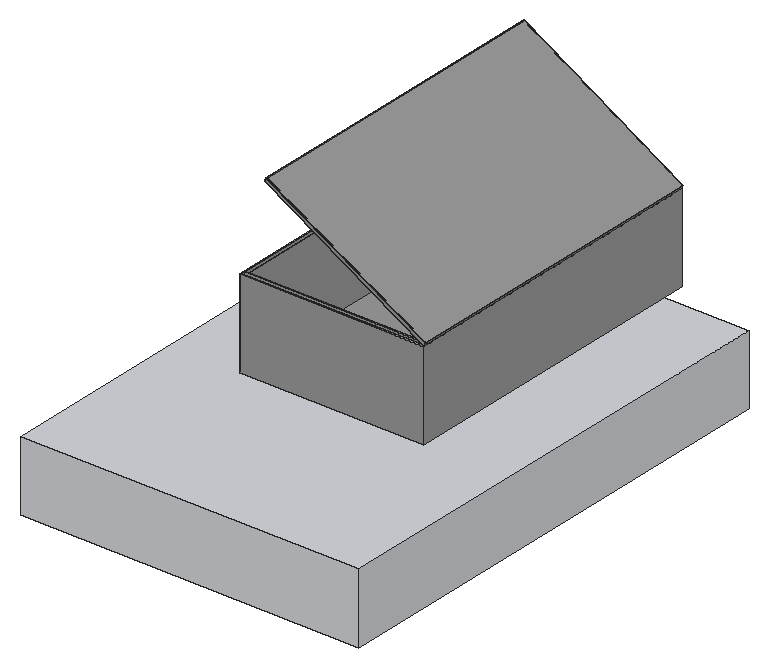
Revit family "Hager-Univers-IP55-D400-H1400-Cl.II-Steel_encl-NL-en", category Equipement électrique, Revit 2020
Family settings
  Hôte = Face
  Configuration du panneau = Deux colonnes, circuits au sein
  Cote de connecteur circulaire = Utiliser le diamètre
  Type d'élément = Tableau de raccordement
  Couper avec des vides une fois chargée = Non
  Partagée = Non
  Point de calcul de pièce = Non
Parameters (values of type "Surface mounted (plaster) IP55 W800 H1400 D400  - FR93H")
  Width Control [instance] = if([EF000008 - Width] > Min Width, [EF000008 - Width], Min Width)  # 800 mm
  Commentaires du type = [HG000003 - Range]  # "Univers"
  Thickness Door [instance] = if([EF009171 - Material plate thickness door/cover] > 3 mm, 3 mm, [EF009171 - Material plate thickness door/cover])  # 1.5 mm
  Seal Frame Offset [instance] = 17 mm  # constant formula
  Plinth Visibility [instance] = [HG000027 - Plinth height] > 0 mm  # no
  Model = ""
  Min Width [instance] = 100 mm  # constant formula
  Min Height [instance] = 100 mm  # constant formula
  Min Depth [instance] = (2 * [EF009170 - Material plate thickness cabinet]) + 1 mm  # 4 mm
  Internal Frame Depth [instance] = (Door System Depth * 0.5)  # 9 mm
  Height Control [instance] = if([EF000040 - Height] > Min Height, [EF000040 - Height], Min Height)  # 1400 mm
  HG000027 - Plinth height = 0 mm
  HG000026 - Floor standing = no
  HG000024 - Bottom section height = 800 mm
  HG000023 - Double section enclosure = no
  HG000016 - Door 3d visibility [instance] = yes
  HG000015 - Clearance visibility [instance] = no
  HG000014 - Door on the right [instance] = yes
  HG000013 - Door on the left [instance] = not([HG000014 - Door on the right])  # no
  HG000012 - Door swing angle [instance] = 30.00°
  HG000010 - Asymmetric doors = no
  HG000009 - Double swing door = no
  HG000006 - Flush mounted = no
  HG000004 - Manufacturer reference = "FR93H"
  HG000003 - Range = "Univers"
  HG000002 - With door or cover = yes
  Frame Offset Bottom [instance] = 10 mm  # constant formula
  Frame Offset [instance] = 15 mm  # constant formula
  EF015940 - Cover with overpressure release = no
  EF011959 - Degree of protection (NEMA) = ""
  EF009554 - Number of openings for flange plates = 6
  EF009212 - Cover model = "EV000116 - Closed"
  EF009171 - Material plate thickness door/cover = 1.5 mm
  EF009170 - Material plate thickness cabinet = 1.5 mm
  Fabricant = "Hager"  # constant formula
  EF008873 - Nominal current (In) = 800 A
  EF007800 - Suitable for lightning protection = no
  EF006306 - With lock = no
  EF006244 - Transparent cover/door = no
  EF005474 - Degree of protection (IP) = "EV006420 - IP55"
  EF004464 - Type of door = "EV002646 - Single"
  EF004427 - Number of modules = 324
  EF004293 - Impact strength = "EV008784 - IK10"
  EF003532 - Suitable for outdoor use = no
  EF002950 - Width in number of modular spacings = 24
  EF001613 - Circuit integrity = "EV000494 - None"
  EF001596 - Material housing = "EV000179 - Steel"
  EF001131 - Internal depth = 400 mm
  EF001088 - Extension possible = yes
  EF000437 - Number of conduit inlets = 6
  EF000339 - Type of cover = "EV004216 - Door"
  EF000266 - Number of rows = 9
  EF000218 - Built-in depth = 0 mm
  EF000118 - With mounting plate = no
  EF000116 - RAL-number = "7035"
  EF000049 - Depth = 400 mm
  EF000040 - Height = 1400 mm
  EF000008 - Width = 800 mm
  EF000007 - Colour = "EV000270 - Grey"
  EF000003 - Mounting method = "EV000384 - Surface mounted (plaster)"
  Door System Leaf Tolerance [instance] = 1.5 mm  # constant formula
  Door System Depth [instance] = 18 mm  # constant formula
  Door Height [instance] = Height Control - [HG000027 - Plinth height]  # 1400 mm
  Depth Control [instance] = if([EF000049 - Depth] > Min Depth, [EF000049 - Depth], Min Depth)  # 400 mm
  Default Elevation = 0 mm
  Connector Offset [instance] = Height Control / 2  # 700 mm
  Bottom Top Plate Trim [instance] = 1.5 mm  # constant formula
  Plinth height Ctrl [instance] = if([HG000027 - Plinth height] > 0 mm, [HG000027 - Plinth height], 12 mm)  # 12 mm
Types (3, lengths in mm): name | Width Control | HG000009 - Double swing door | HG000004 - Manufacturer reference | EF009554 - Number of openings for flange plates | EF004464 - Type of door | EF004427 - Number of modules | EF000437 - Number of conduit inlets | EF000008 - Width
  Surface mounted (plaster) IP55 W1050 H1400 D400  - FR94H | 1050 | yes | "FR94H" | 8 | "EV003602 - Double" | 432 | 8 | 1050
  Surface mounted (plaster) IP55 W550 H1400 D400  - FR92H | 550 | no | "FR92H" | 4 | "EV002646 - Single" | 216 | 4 | 550
  Surface mounted (plaster) IP55 W800 H1400 D400  - FR93H | 800 | no | "FR93H" | 6 | "EV002646 - Single" | 324 | 6 | 800
Reference planes
  plane 1 "Center (Front/Back)": y = 0
  plane 2: z = 0
  plane 3 "Center (Left/Right)": x = 0
  plane 4: z = 400
  plane 5: y = 1.5
  plane 6: y = 700
  plane 7: y = 0
  plane 8: y = 1400
  plane 9: z = 0
  plane 10: x = -385
  plane 11: x = 385
  plane 12: x = 383.5
  plane 13: x = -383.5
  plane 14: y = 1398.5
  plane 15: x = -383
  plane 16: x = -400
  plane 17: x = 383
  plane 18: x = 400
  plane 19: x = 398.5
  plane 20: x = -398.5
  plane 21: y = 11.5
  plane 22: y = 1400
  plane 23: y = 1383.5
  plane 24: z = 382
  plane 25: z = 1.5
  plane 26: z = 380.5
  plane 27: z = 398.5
Forms (mm)
  Extrusion 1, solid
    sketch origin (0, 0, 0) x (1, 0, 0) y (0, 1, 0)
      loop
        line (-702.964, 1305) -> (-702.964, -811.445) -> (766.763, -811.445) -> (766.763, 1305) -> (-702.964, 1305)
    from 0 to -304.8
  Extrusion 2, solid, material "Hager_Steel_RAL7035_Light_Grey", visible <- "Plinth Visibility", detail levels medium+fine
    sketch origin (0, 0, 0) x (1, 0, 0) y (0, 1, 0)
      loop
        line (-400, 0) -> (400, 0) -> (400, 12) -> (-400, 12) -> (-400, 0)
    from 0 to 382
  Extrusion 3, solid, material "Hager_Steel_RAL7035_Light_Grey", detail levels medium+fine
    sketch origin (0, 0, 0) x (1, 0, 0) y (0, 1, 0)
      loop
        line (-400, 0) -> (400, 0) -> (400, 1400) -> (-400, 1400) -> (-400, 0)
    from 0 to 382
  Extrusion 4, void
    sketch origin (0, 0, 0) x (1, 0, 0) y (0, 1, 0)
      loop
        line (-398.5, 1.5) -> (398.5, 1.5) -> (398.5, 1398.5) -> (-398.5, 1398.5) -> (-398.5, 1.5)
    from 1.5 to 380.5
  Extrusion 5, void
    sketch origin (-381.607, -4572, 382) x (0, -1, 0) y (-1, 0, 0)
      loop
        line (-4583.5, 1.893) -> (-5955.5, 1.893) -> (-5955.5, -765.107) -> (-4583.5, -765.107) -> (-4583.5, 1.893)
    from 0 to 1.5 <- "EF009170 - Material plate thickness cabinet"
  Extrusion 6, solid, material "Hager_Steel_RAL7035_Light_Grey", detail levels fine
    sketch origin (0, 0, 382) x (1, 0, 0) y (0, 1, 0)
      loop
        line (-383.5, 1383.5) -> (-383.5, 11.5) -> (383.5, 11.5) -> (383.5, 1383.5) -> (-383.5, 1383.5)
      loop
        line (-385, 10) -> (385, 10) -> (385, 1385) -> (-385, 1385) -> (-385, 10)
    from 0 to 9 <- "Internal Frame Depth"
  Extrusion 7, solid, material "Hager_Steel_RAL7035_Light_Grey", detail levels coarse
    sketch origin (0, 0, 0) x (1, 0, 0) y (0, 1, 0)
      loop
        line (-400, 0) -> (400, 0) -> (400, 1400) -> (-400, 1400) -> (-400, 0)
    from 0 to 400
  Sweep 8, void
    path in 3D
      loop
        line (-400, 12, 0) -> (400, 12, 0) -> (400, 12, 382) -> (-400, 12, 382) -> (-400, 12, 0)
    profile origin (-400, 12, 191) x (-1, 0, 0) y (0, -1, 0)
      loop
        line (0, 0) -> (0, 1.5) -> (-1.5, 1.5)
        arc (-1.5, 1.5) -> (-1.061, 0.439) -> (0, 0) r 1.5
Cuts and joins
  Extrusion 4, Extrusion 5 cuts Extrusion 3
  Sweep 8 cuts Extrusion 2
Lines and regions (mm)
  Masking region 1
    outline origin (0, 0, 0) x (1, 0, 0) y (0, 0, 1)
      loop
        line (-400, 400) -> (-400, 0) -> (400, 0) -> (400, 400) -> (-400, 400)
  Masking region 2, detail levels medium+fine
    outline origin (0, 140, 0) x (0, 1, 0) y (0, 0, 1)
      loop
        line (-140, 0) -> (1260, 0) -> (1260, 382) -> (-140, 382) -> (-140, 0)
  Masking region 3, not visible, detail levels medium+fine
    outline origin (0, 297.922, 0) x (0, 1, 0) y (0, 0, 1)
      loop
        line (413.578, 0) -> (453.578, 0) -> (453.578, 388.5)
        arc (453.578, 388.5) -> (450.649, 395.571) -> (443.578, 398.5) r 10
        line (443.578, 398.5) -> (413.578, 398.5) -> (413.578, 0)
  Masking region 4, detail levels coarse
    outline origin (0, 0, 180) x (0, 1, 0) y (0, 0, 1)
      loop
        line (0, -180) -> (1400, -180) -> (1400, 220) -> (0, 220) -> (0, -180)
  Masking region 5, visible <- "Plinth Visibility", detail levels medium+fine
    outline origin (0, 52.24, 12.345) x (0, 0, -1) y (0, 1, 0)
      loop
        line (10.845, -40.24) -> (-368.155, -40.24)
        arc (-368.155, -40.24) -> (-368.594, -41.301) -> (-369.655, -41.74) r 1.5
        line (-369.655, -41.74) -> (-369.655, -52.24) -> (12.345, -52.24) -> (12.345, -41.74)
        arc (12.345, -41.74) -> (11.285, -41.301) -> (10.845, -40.24) r 1.5
  Masking region 6, detail levels medium+fine
    outline origin (-381.607, -4572, 382) x (-1, 0, 0) y (0, -1, 0)
      loop
        line (18.393, -5972) -> (18.393, -4572) -> (-781.607, -4572) -> (-781.607, -5972) -> (18.393, -5972)
  Masking region 7, visible <- "Plinth Visibility", detail levels medium+fine
    outline origin (-381.607, -4727, 382) x (-1, 0, 0) y (0, -1, 0)
      loop
        arc (16.893, -4739) -> (17.332, -4737.939) -> (18.393, -4737.5) r 1.5
        line (18.393, -4737.5) -> (18.393, -4727) -> (-781.607, -4727) -> (-781.607, -4737.5)
        arc (-781.607, -4737.5) -> (-780.546, -4737.939) -> (-780.107, -4739) r 1.5
        line (-780.107, -4739) -> (16.893, -4739)
  Masking region 8, detail levels coarse
    outline origin (-442.548, -4669.526, 382) x (-1, 0, 0) y (0, -1, 0)
      loop
        line (-42.548, -6069.526) -> (-42.548, -4669.526) -> (-842.548, -4669.526) -> (-842.548, -6069.526) -> (-42.548, -6069.526)
  sketch lines
    curve 1: line (-400, 12, 382) -> (-400, 12, 0)
    curve 2: line (400, 12, 382) -> (-400, 12, 382)
    curve 3: line (400, 12, 382) -> (400, 12, 0)
    curve 4: line (-400, 12, 0) -> (400, 12, 0)
Dimensions and locks
  "Depth Control": plane 4 to Extrusion 1
  "HG000027 - Plinth height": plane 1 "Center (Front/Back)" to plane 7
  "EF009170 - Material plate thickness cabinet": plane 5 to plane 7
  locked: connector elem to plane 3 "Center (Left/Right)"
  equal spacing: plane 8, plane 6, plane 7
  locked: connector elem to plane 6
  "EF009170 - Material plate thickness cabinet": plane 8 to plane 14
  "EF009170 - Material plate thickness cabinet": plane 10 to plane 13
  "EF009170 - Material plate thickness cabinet": plane 12 to plane 11
  "Frame Offset": plane 20 to plane 13
  "Frame Offset": plane 12 to plane 19
  "EF009170 - Material plate thickness cabinet": plane 16 to plane 20
  "EF009170 - Material plate thickness cabinet": plane 19 to plane 18
  "Seal Frame Offset": plane 16 to plane 15
  "Seal Frame Offset": plane 17 to plane 18
  "Frame Offset Bottom": plane 21 to plane 5
  "Frame Offset": plane 14 to plane 23
  equal spacing: plane 16, plane 3 "Center (Left/Right)", plane 18
  "Width Control": plane 16 to plane 18
  "EF009170 - Material plate thickness cabinet": plane 4 to plane 27
  "EF009170 - Material plate thickness cabinet": plane 24 to plane 26
  "EF009170 - Material plate thickness cabinet": plane 25 to level
  "Door System Depth": plane 4 to plane 24
  "Height Control": plane 1 "Center (Front/Back)" to Extrusion 7 sketch curve
  "Height Control": Masking region 4 sketch curve to plane 1 "Center (Front/Back)"
  "Height Control": plane 1 "Center (Front/Back)" to plane 22
  "Bottom Top Plate Trim": profile plane to Sweep 8 sketch curve
  "Bottom Top Plate Trim": Sweep 8 sketch curve to profile plane
  "Plinth height Ctrl": plane 1 "Center (Front/Back)" to Extrusion 2 sketch curve
  "Plinth height Ctrl": Masking region 5 sketch curve to plane 1 "Center (Front/Back)"
  "Plinth height Ctrl": plane 1 "Center (Front/Back)" to Masking region 7 sketch curve
  "Thickness Door": Extrusion 6 sketch curve to Extrusion 6 sketch curve  (x3)
  "Thickness Door": cut or joined group of Extrusion 3, Extrusion 4, Extrusion 5 to Extrusion 6 sketch curve
  radius of Masking region 3 sketch curve = 10 mm
  "Bottom Top Plate Trim": radius of Masking region 5 sketch curve  (x2)
  "Bottom Top Plate Trim": radius of Sweep 8 sketch curve
  "Bottom Top Plate Trim": radius of Masking region 7 sketch curve  (x2)
  aligned and locked: plane 2 to Extrusion 1
  aligned and locked: level to Extrusion 1
  aligned and locked: level to Masking region 1 sketch curve
  aligned and locked: Masking region 1 sketch curve to plane 18
  aligned and locked: Masking region 1 sketch curve to plane 16
  aligned and locked: plane 7 to Masking region 2 sketch curve
  aligned and locked: level to Masking region 3 sketch curve
  aligned and locked: Masking region 3 sketch curve to plane 27
  aligned and locked: level to Masking region 2 sketch curve
  aligned and locked: plane 1 "Center (Front/Back)" to Extrusion 2 sketch curve
  aligned and locked: Extrusion 3 sketch curve to plane 7
  aligned and locked: plane 16 to Extrusion 3 sketch curve
  aligned and locked: plane 18 to Extrusion 3 sketch curve
  aligned and locked: plane 20 to Extrusion 4 sketch curve
  aligned and locked: plane 19 to Extrusion 4 sketch curve
  aligned and locked: Extrusion 4 sketch curve to plane 5
  aligned and locked: Extrusion 4 to plane 25
  aligned and locked: plane 26 to Extrusion 4
  aligned and locked: plane 24 to Extrusion 3
  aligned and locked: Extrusion 5 sketch curve to plane 21
  aligned and locked: Extrusion 5 sketch curve to plane 13
  aligned and locked: Extrusion 5 sketch curve to plane 12
  aligned and locked: plane 18 to Extrusion 7 sketch curve
  aligned and locked: plane 1 "Center (Front/Back)" to Extrusion 7 sketch curve
  aligned and locked: plane 16 to Extrusion 7 sketch curve
  aligned and locked: plane 4 to Extrusion 7
  aligned and locked: Extrusion 7 to level
  aligned and locked: level to Masking region 4 sketch curve
  aligned and locked: Masking region 4 sketch curve to plane 1 "Center (Front/Back)"
  aligned and locked: Masking region 4 sketch curve to plane 4
  aligned and locked: nested 1 to level
  aligned and locked: nested 1 to plane 16
  aligned and locked: plane 8 to Extrusion 3 sketch curve
  aligned and locked: plane 23 to Extrusion 5 sketch curve
  aligned and locked: plane 14 to Extrusion 4 sketch curve
  aligned and locked: Masking region 2 sketch curve to plane 8
  aligned and locked: level to Masking region 5 sketch curve
  aligned and locked: plane 16 to Extrusion 2 sketch curve
  aligned and locked: plane 18 to Extrusion 2 sketch curve
  aligned and locked: Masking region 5 sketch curve to plane 24
  aligned and locked: Masking region 2 sketch curve to plane 24
  aligned and locked: plane 24 to Extrusion 2
  aligned and locked: profile plane to Sweep 8 sketch curve  (x2)
  aligned and locked: Masking region 6 sketch curve to plane 18
  aligned and locked: Masking region 6 sketch curve to plane 22
  aligned and locked: Masking region 6 sketch curve to plane 16
  aligned and locked: plane 8 to plane 22
  aligned and locked: Masking region 6 sketch curve to plane 7
  aligned and locked: Masking region 7 sketch curve to plane 16
  aligned and locked: Masking region 7 sketch curve to plane 1 "Center (Front/Back)"
  aligned and locked: Masking region 7 sketch curve to plane 18
  aligned and locked: Masking region 8 sketch curve to plane 1 "Center (Front/Back)"
  aligned and locked: Masking region 8 sketch curve to plane 18
  aligned and locked: Masking region 8 sketch curve to plane 22
  aligned and locked: Masking region 8 sketch curve to plane 16
  aligned and locked: nested 2 to plane 7
  aligned and locked: plane 3 "Center (Left/Right)" to nested 2
  aligned and locked: nested 2 to plane 24
  aligned and locked: Extrusion 6 sketch curve to cut or joined group of Extrusion 3, Extrusion 4, Extrusion 5  (x4)
Automatic sketch dimensions
  Extrusion 1 sketch curve to Extrusion 1 sketch curve = 1469.727 mm
  Extrusion 1 sketch curve to Extrusion 1 sketch curve = 2116.445 mm
  Masking region 1 sketch curve to plane 4 = 0 mm
  plane 6 to Masking region 3 sketch curve = 11.5 mm
  Masking region 3 sketch curve to Masking region 3 sketch curve = 30 mm
  Masking region 5 sketch curve to plane 1 "Center (Front/Back)" = 0 mm
Nested families
  nested 1: "Hager_Enclosure_Symbol" at (-400, 0, 0) x (1, 0, 0) z (0, -1, 0), Height <- "Depth Control", Width <- "Width Control", type "Hager_Enclosure_Symbol"
    with Width_Ctrl 800 mm, Width 800 mm, Height_Ctrl 400 mm, Height 400 mm, A_Width_Int 26.25 mm, A_Width 315 mm, A_Height_Ctrl 350 mm, A_Height 350 mm
  nested 2: "EC000058_Univers_Door" at (0, 0, 382) x (1, 0, 0) z (0, 1, 0), Leaf_Tolerance <- "Door System Leaf Tolerance", Angle <- "HG000012 - Door swing angle", Door_Depth <- "Door System Depth", Door_Left <- "HG000013 - Door on the left", Transparent <- "EF006244 - Transparent cover/door", Assymetrical <- "HG000010 - Asymmetric doors", Width <- "Width Control", Clearance <- "HG000015 - Clearance visibility", Double <- "HG000009 - Double swing door", 3d_Door <- "HG000016 - Door 3d visibility", Lock_Visibility <- "EF006306 - With lock", Width_Ctrl <- "Width Control", Door_Right <- "HG000014 - Door on the right", Door <- "HG000002 - With door or cover", Height <- "Door Height", Thickness <- "Thickness Door", type "EC000058_Univers_Door", detail levels medium+fine
    with min_wh 4 mm, Width_Ctrl 800 mm, Width 800 mm, Transparent no, Thickness 1.5 mm, Seal_Material Hager_Rubber, Lock_Visibility no, Lock_Material Hager_Plastic_RAL9005_Jet_Black, Leaf_Width 800 mm, Leaf_Tolerance_External_Sides 0 mm, Leaf_Tolerance 1.5 mm, Leaf_Offset 0 mm, Leaf_Height 1397 mm, Leaf_2_Width 800 mm, Leaf_2_Offset 400 mm, Leaf_1_Width 800 mm, Leaf_1_Offset 400 mm, Height_Ctrl 1400 mm, Height 1400 mm, Glass_Material Hager_Glass, Double_Clearance_Ctrl no, Double no, Door_Right_Ctrl yes, Door_Right yes, Door_Material Hager_Steel_RAL7035_Light_Grey, Door_Left_Ctrl no, Door_Left no, Door_Depth 18 mm, Door yes, Clearance_Material Hager_Clearance, Clearance_Depth 800 mm, Clearance_Ctrl no, Clearance no, Assymetrical no, Angle 30.00°, 3d_Door yes
Connectors
  electrical at (0, 700, 0)
    settings: on plane 9, index 1, voltage 0 V, apparent load 0 VA, apparent load phase1 0 VA, apparent load phase2 0 VA, apparent load phase3 0 VA, power factor 1, load classification "Other", number of poles 1, system type 30, power factor state 1, is connector primary yes, connector utility no, sub classification motor no, connector description ""
Definition of nested family "EC000058_Univers_Door"
  Parameters (values of type "EC000058_Univers_Door")
    min_wh [instance] = (2 * Thickness) + 1 mm  # 11 mm
    Width_Ctrl [instance] = 400 mm
    Width [instance] = 500 mm
    Transparent [instance] = yes
    Thickness [instance] = 5 mm
    Seal_Material [instance] = none
    Lock_Visibility [instance] = yes
    Lock_Material [instance] = none
    Leaf_Width [instance] = if((Width_Ctrl - 2 * Leaf_Tolerance_External_Sides) > 0 mm, (Width_Ctrl - 2 * Leaf_Tolerance_External_Sides), min_wh)  # 400 mm
    Leaf_Tolerance_External_Sides [instance] = 0 mm  # constant formula
    Leaf_Tolerance [instance] = 1.5 mm
    Leaf_Offset [instance] = 0 mm  # constant formula
    Leaf_Height [instance] = if((Height_Ctrl - 2 * Leaf_Tolerance) > 0 mm, (Height_Ctrl - 2 * Leaf_Tolerance), min_wh)  # 497 mm
    Leaf_2_Width [instance] = if(and(and(Double, Assymetrical), Door_Left), (Leaf_Width / 3) - (Leaf_Tolerance / 2), if(and(and(Double, Assymetrical), Door_Right), (Leaf_Width / 3) * 2 - (Leaf_Tolerance / 2), if(and(Double, not(Assymetrical)), (Leaf_Width / 2) - Leaf_Tolerance, Leaf_Width)))  # 400 mm
    Leaf_2_Offset [instance] = if(and(Double, Assymetrical), Leaf_2_Width / 2, if(and(Double, not(Assymetrical)), Leaf_Width / 4, Leaf_Width / 2))  # 200 mm
    Leaf_1_Width [instance] = if(and(and(Double, Assymetrical), Door_Right), (Leaf_Width / 3) - (Leaf_Tolerance / 2), if(and(and(Double, Assymetrical), Door_Left), (Width / 3) * 2 - (Leaf_Tolerance / 2), if(and(Double, not(Assymetrical)), (Leaf_Width / 2) - Leaf_Tolerance, Leaf_Width)))  # 400 mm
    Leaf_1_Offset [instance] = if(and(Double, Assymetrical), Leaf_1_Width / 2, if(and(Double, not(Assymetrical)), Leaf_Width / 4, Leaf_Width / 2))  # 200 mm
    Height_Ctrl [instance] = if(Height > min_wh, Height, min_wh)  # 500 mm
    Height [instance] = 500 mm
    Glass_Material [instance] = none
    Double_Clearance_Ctrl [instance] = and(Double, Clearance)  # no
    Double [instance] = no
    Door_Right_Ctrl [instance] = and(or(Door_Right, Double), Door)  # yes
    Door_Right [instance] = yes
    Door_Material [instance] = none
    Door_Left_Ctrl [instance] = and(or(Door_Left, Double), Door)  # no
    Door_Left [instance] = no
    Door_Depth [instance] = 30 mm
    Door [instance] = yes
    Default Elevation = 1219.2 mm
    Clearance_Material [instance] = none
    Clearance_Depth [instance] = if(Leaf_1_Width > Leaf_2_Width, Leaf_1_Width, Leaf_2_Width)  # 400 mm
    Clearance_Ctrl [instance] = and(not(Double), Clearance)  # yes
    Clearance [instance] = yes
    Assymetrical [instance] = yes
    Angle [instance] = 30.00°
    3d_Door [instance] = yes
  Reference planes
    plane 1 "Center (Front/Back)": y = 0
    plane 2 "Bottom": z = 0
    plane 3 "Center (Left/Right)": x = 0
    plane 4: z = 500
    plane 5: x = -200
    plane 6: x = 200
    plane 7: z = 500
    plane 8: x = -200
    plane 9: z = 0
    plane 10: x = 200
    plane 11: y = 0
    plane 12: z = 1.5
    plane 13: x = -600
    plane 14: y = -400
    plane 15: x = 600
    plane 16: x = 0
    plane 17: x = 0
    plane 18: x = -200
    plane 19: x = 200
    plane 20: z = 498.5
  Forms (mm)
    Extrusion 1, solid, material <- "Clearance_Material", visible <- "Double_Clearance_Ctrl"
      sketch origin (1200, 0, 0) x (1, 0, 0) y (0, 0, -1)
        loop
          line (-1800, -498.5) -> (-600, -498.5) -> (-600, 0) -> (-1800, 0) -> (-1800, -498.5)
      from 0 to -400
  Dimensions and locks
    equal spacing: plane 5, plane 3 "Center (Left/Right)", plane 6
    "Width_Ctrl": plane 5 to plane 6
    "Leaf_Offset": plane 5 to plane 8
    "Leaf_Offset": plane 6 to plane 10
    "Leaf_Offset": plane 9 to level
    "Leaf_Offset": plane 4 to plane 7
    "Height_Ctrl": plane 4 to level
    "Leaf_Tolerance": plane 12 to plane 9
    locked: plane 11 to plane 1 "Center (Front/Back)"
    "Leaf_1_Offset": plane 18 to plane 16
    "Leaf_2_Offset": plane 17 to plane 19
    "Leaf_1_Width": plane 13 to plane 8
    "Leaf_2_Width": plane 10 to plane 15
    "Clearance_Depth": plane 14 to plane 1 "Center (Front/Back)"
    "Leaf_Tolerance_External_Sides": plane 8 to plane 18
    "Leaf_Tolerance_External_Sides": plane 19 to plane 10
    "Leaf_Tolerance": plane 7 to plane 20
    aligned and locked: level to plane 2 "Bottom"
    aligned and locked: nested 1 to plane 16
    aligned and locked: nested 2 to plane 17
    aligned and locked: Extrusion 1 to plane 13
    aligned and locked: plane 15 to Extrusion 1
    aligned and locked: Extrusion 1 to plane 14
    aligned and locked: plane 12 to nested 1
    aligned and locked: nested 2 to plane 12
    aligned and locked: Extrusion 1 to plane 11
    aligned and locked: plane 20 to Extrusion 1
    aligned and locked: nested 2 to plane 11
    aligned and locked: nested 1 to plane 11
  Automatic sketch dimensions
    Extrusion 1 sketch curve to level = 0 mm
    plane 5 to Extrusion 1 sketch curve = 400 mm
    plane 6 to Extrusion 1 sketch curve = 400 mm
    Extrusion 1 sketch curve to plane 4 = 1.5 mm
  Nested families
    nested 1: "EC000058_Univers_Door_Leaf" at (0, 0, 1.5), Width <- "Leaf_1_Width", visible <- "Door_Left_Ctrl", Leaf_Height <- "Leaf_Height", Angle <- "Angle", 3d_Door <- "3d_Door", Transparent <- "Transparent", Clearance Material <- "Clearance_Material", Clearance <- "Clearance_Ctrl", Door_Material <- "Door_Material", Glass_Material <- "Glass_Material", Door_Depth <- "Door_Depth", Lock_Material <- "Lock_Material", Seal_Material <- "Seal_Material", Lock_Visibility <- "Lock_Visibility", Thickness <- "Thickness", type "EC000058_Univers_Door_Leaf"
      with Width 400 mm, Transparent_Glass_Offset 30 mm, Transparent_Ctrl yes, Transparent yes, Thickness 5 mm, Standard no, Seal_Material none, Seal_D2 8 mm, Seal_D1 1 mm, Offset_Internal_Frame 10 mm, Lock_Width 20 mm, Lock_Visibility_3d yes, Lock_Visibility yes, Lock_Thickness_3 3 mm, Lock_Thickness_2 1 mm, Lock_Thickness_1 3 mm, Lock_Radius_Offset_2 16 mm, Lock_Radius_Offset_1 15 mm, Lock_Radius_2 5 mm, Lock_Radius 6 mm, Lock_Offset 5 mm, Lock_Material none, Lock_Height 80 mm, Lock_Cover_Top_Offset_2d 17 mm, Lock_Cover_Height -65 mm, Leaf_Height 497 mm, Internal_Seal_Thickness 8 mm, Internal_Seal_Depth_2 4.5 mm, Internal_Frame_Depth 25 mm, Glass_Thickness -1 mm, Glass_Offset -2 mm, Glass_Material none, Door_Material none, Door_Depth 30 mm, Clearance Material none, Clearance yes, Angle_Ctrl 30.00°, Angle 30.00°, 3d_Door yes
    nested 2: "EC000058_Univers_Door_Leaf" at (0, 0, 1.5) x (-1, 0, 0) z (0, 0, 1), Width <- "Leaf_2_Width", visible <- "Door_Right_Ctrl", Leaf_Height <- "Leaf_Height", Angle <- "Angle", 3d_Door <- "3d_Door", Transparent <- "Transparent", Clearance Material <- "Clearance_Material", Clearance <- "Clearance_Ctrl", Door_Material <- "Door_Material", Glass_Material <- "Glass_Material", Door_Depth <- "Door_Depth", Lock_Material <- "Lock_Material", Seal_Material <- "Seal_Material", Lock_Visibility <- "Lock_Visibility", Thickness <- "Thickness", type "EC000058_Univers_Door_Leaf"
      with Width 400 mm, Transparent_Glass_Offset 30 mm, Transparent_Ctrl yes, Transparent yes, Thickness 5 mm, Standard no, Seal_Material none, Seal_D2 8 mm, Seal_D1 1 mm, Offset_Internal_Frame 10 mm, Lock_Width 20 mm, Lock_Visibility_3d yes, Lock_Visibility yes, Lock_Thickness_3 3 mm, Lock_Thickness_2 1 mm, Lock_Thickness_1 3 mm, Lock_Radius_Offset_2 16 mm, Lock_Radius_Offset_1 15 mm, Lock_Radius_2 5 mm, Lock_Radius 6 mm, Lock_Offset 5 mm, Lock_Material none, Lock_Height 80 mm, Lock_Cover_Top_Offset_2d 17 mm, Lock_Cover_Height -65 mm, Leaf_Height 497 mm, Internal_Seal_Thickness 8 mm, Internal_Seal_Depth_2 4.5 mm, Internal_Frame_Depth 25 mm, Glass_Thickness -1 mm, Glass_Offset -2 mm, Glass_Material none, Door_Material none, Door_Depth 30 mm, Clearance Material none, Clearance yes, Angle_Ctrl 30.00°, Angle 30.00°, 3d_Door yes
  Definition of nested family "EC000058_Univers_Door_Leaf"
    Parameters (values of type "EC000058_Univers_Door_Leaf")
      Width [instance] = 2000 mm
      Transparent_Glass_Offset [instance] = 30 mm
      Transparent_Ctrl [instance] = and(Transparent, [3d_Door])  # yes
      Transparent [instance] = yes
      Thickness [instance] = 5 mm
      Standard [instance] = and(not(Transparent), [3d_Door])  # no
      Seal_Material [instance] = none
      Seal_D2 [instance] = 8 mm  # constant formula
      Seal_D1 [instance] = 1 mm  # constant formula
      Offset_Internal_Frame [instance] = 10 mm  # constant formula
      Lock_Width [instance] = 20 mm  # constant formula
      Lock_Visibility_3d [instance] = and(Lock_Visibility, [3d_Door])  # yes
      Lock_Visibility [instance] = yes
      Lock_Thickness_3 [instance] = 3 mm  # constant formula
      Lock_Thickness_2 [instance] = 1 mm  # constant formula
      Lock_Thickness_1 [instance] = 3 mm  # constant formula
      Lock_Radius_Offset_2 [instance] = Lock_Radius_Offset_1 + 1 mm  # 16 mm
      Lock_Radius_Offset_1 [instance] = 15 mm  # constant formula
      Lock_Radius_2 [instance] = Lock_Radius - 1 mm  # 5 mm
      Lock_Radius [instance] = 6 mm  # constant formula
      Lock_Offset [instance] = 5 mm  # constant formula
      Lock_Material [instance] = none
      Lock_Height [instance] = 80 mm  # constant formula
      Lock_Cover_Top_Offset_2d [instance] = Lock_Radius_Offset_2 + 1 mm  # 17 mm
      Lock_Cover_Height [instance] = -(Lock_Height - Lock_Radius_Offset_1)  # -65 mm
      Leaf_Height [instance] = 2720.336 mm
      Internal_Seal_Thickness [instance] = 8 mm  # constant formula
      Internal_Seal_Depth_2 [instance] = 4.5 mm  # constant formula
      Internal_Frame_Depth [instance] = if(Door_Depth - Thickness > 5 mm, Door_Depth - Thickness, 5 mm)  # 25 mm
      Glass_Thickness [instance] = if(Thickness > 15 mm, Glass_Offset + 10 mm, -1 mm)  # -1 mm
      Glass_Offset [instance] = if(Thickness > 15 mm, -(Thickness + 10 mm) / 2, -2 mm)  # -2 mm
      Glass_Material [instance] = none
      Door_Material [instance] = none
      Door_Depth [instance] = 30 mm
      Default Elevation = 0 mm
      Clearance Material [instance] = none
      Clearance [instance] = yes
      Angle_Ctrl [instance] = if(Angle > 180.00°, 180.00°, Angle)  # 90.00°
      Angle [instance] = 90.00°
      3d_Door [instance] = yes
    Reference planes
      plane 1 "Center (Front/Back)": y = 0
      plane 2: z = 0
      plane 3 "Center (Left/Right)": x = 0
      plane 4: y = 2000
      plane 5: x = -1000
      plane 6: x = 1000
      plane 7: x = -3000
      plane 8: z = 2720.336
      plane 9: z = 30
      plane 10: z = 2690.336
      plane 11: x = 970
      plane 12: x = -970
      plane 13: y = -3
      plane 14: z = 107.833
      plane 15: y = -5
      plane 16: y = -223.314
      plane 17: x = -1000
      plane 18: z = 1360.168
      plane 19: y = 30
    Forms (mm)
      Extrusion 1, solid, material <- "Clearance Material", visible <- "Clearance"
        sketch origin (0, 0, 0) x (1, 0, 0) y (0, 0, 1)
          loop
            line (-3000, 2720.336) -> (-3000, 0) -> (1000, 0) -> (1000, 2720.336) -> (-3000, 2720.336)
        from 0 to -2000
      Extrusion 2, solid, material <- "Door_Material", visible <- "Standard", detail levels medium+fine
        sketch origin (-1000, 0, 0) x (0, 1, 0) y (-1, 0, 0)
          loop
            line (0, 30) -> (0, 25) -> (2000, 25) -> (2000, 30) -> (0, 30)
        from 0 to 2720.336 <- "Leaf_Height"
      Extrusion 3, solid, material <- "Door_Material", visible <- "Transparent_Ctrl", detail levels medium+fine
        sketch origin (-1000, 0, 0) x (0, 1, 0) y (-1, 0, 0)
          loop
            line (0, 25) -> (2000, 25) -> (2000, 30) -> (0, 30) -> (0, 25)
        from 0 to 2720.336 <- "Leaf_Height"
      Extrusion 4, void
        sketch origin (-1025, 2000, 0) x (0, 1, 0) y (0, 0, -1)
          loop
            line (-30, -2690.336) -> (-30, -30) -> (-1970, -30) -> (-1970, -2690.336) -> (-30, -2690.336)
        from 0 to 5 <- "Thickness"
      Sweep 5, solid, material <- "Seal_Material", visible <- "Transparent_Ctrl", detail levels fine
        path in 3D
          loop
            line (-1025, 30, 30) -> (-1025, 30, 2690.336) -> (-1025, 1970, 2690.336) -> (-1025, 1970, 30) -> (-1025, 30, 30)
        profile origin (-1025, 1000, 30) x (1, 0, 0) y (0, 0, 1)
          loop
            line (0, 0) -> (0, -8) -> (1, -8) -> (1, 0) -> (0, 0)
      Extrusion 6, solid, material <- "Glass_Material", visible <- "Transparent_Ctrl", detail levels medium+fine
        sketch origin (-1030, 0, 0) x (0, 1, 0) y (0, 0, -1)
          loop
            line (1970, -2690.336) -> (1970, -30) -> (30, -30) -> (30, -2690.336) -> (1970, -2690.336)
        from -2 <- "Glass_Offset" to -1 <- "Glass_Thickness"
      Extrusion 7, solid, material <- "Door_Material", visible <- "3d_Door", detail levels medium+fine
        sketch origin (-1025, 2000, 0) x (0, -1, 0) y (0, 0, -1)
          loop
            line (0, -2720.336) -> (2000, -2720.336) -> (2000, 0) -> (0, 0) -> (0, -2720.336)
          loop
            line (1995, -5) -> (5, -5) -> (5, -2715.336) -> (1995, -2715.336) -> (1995, -5)
        from 0 to 25 <- "Internal_Frame_Depth"
      Sweep 8, solid, material <- "Seal_Material", visible <- "Transparent_Ctrl", detail levels fine
        path in 3D
          loop
            line (-1025, 0, 0) -> (-1025, 2000, 0) -> (-1025, 2000, 2720.336) -> (-1025, 0, 2720.336) -> (-1025, 0, 0)
        profile origin (-1025, 0, 1360.168) x (1, 0, 0) y (0, 1, 0)
          loop
            line (0, 10) -> (2.975, 10)
            arc (2.975, 10) -> (4.053, 10.447) -> (4.5, 11.525) r 1.525
            line (4.5, 11.525) -> (4.5, 16.527)
            arc (4.5, 16.527) -> (4.069, 17.569) -> (3.027, 18) r 1.473
            line (3.027, 18) -> (0, 18) -> (0, 10)
      Extrusion 9, solid, material <- "Lock_Material", visible <- "Lock_Visibility_3d", detail levels fine
        sketch origin (-1030, 0, 0) x (0, 1, 0) y (0, 0, -1)
          loop
            arc (1993.5, -1400.168) -> (1994.561, -1399.729) -> (1995, -1398.668) r 1.5
            line (1995, -1398.668) -> (1995, -1320.168) -> (1975, -1320.168) -> (1975, -1398.668)
            arc (1975, -1398.668) -> (1975.439, -1399.729) -> (1976.5, -1400.168) r 1.5
            line (1976.5, -1400.168) -> (1993.5, -1400.168)
        from 3 <- "Lock_Thickness_1" to 0
      Blend 10, solid, material <- "Lock_Material", visible <- "Lock_Visibility_3d", detail levels fine
        base sketch origin (-1033, 0, 0) x (0, 1, 0) y (0, 0, -1)
          loop
            line (1975, -1320.168) -> (1975, -1398.668)
            arc (1975, -1398.668) -> (1975.439, -1399.729) -> (1976.5, -1400.168) r 1.5
            line (1976.5, -1400.168) -> (1993.5, -1400.168)
            arc (1993.5, -1400.168) -> (1994.561, -1399.729) -> (1995, -1398.668) r 1.5
            line (1995, -1398.668) -> (1995, -1320.168) -> (1975, -1320.168)
        top sketch origin (-1033, 0, 0) x (0, 1, 0) y (0, 0, -1)
          loop
            line (1976, -1320.168) -> (1976, -1398.668)
            arc (1976, -1398.668) -> (1976.146, -1399.022) -> (1976.5, -1399.168) r 0.5
            line (1976.5, -1399.168) -> (1993.5, -1399.168)
            arc (1993.5, -1399.168) -> (1993.854, -1399.022) -> (1994, -1398.668) r 0.5
            line (1994, -1398.668) -> (1994, -1320.168) -> (1976, -1320.168)
        from 0 to 1 <- "Lock_Thickness_2"
      Blend 11, solid, material <- "Lock_Material", visible <- "Lock_Visibility_3d", detail levels fine
        base sketch origin (-1034, 0, 0) x (0, 1, 0) y (0, 0, -1)
          loop
            line (1978, -1320.168) -> (1978, -1384.168)
            arc (1978, -1384.168) -> (1985, -1391.168) -> (1992, -1384.168) r 7
            line (1992, -1384.168) -> (1992, -1320.168) -> (1978, -1320.168)
        top sketch origin (-1034, 0, 0) x (0, 1, 0) y (0, 0, -1)
          loop
            line (1991, -1320.168) -> (1979, -1320.168) -> (1979, -1383.168)
            arc (1979, -1383.168) -> (1985, -1389.168) -> (1991, -1383.168) r 6
            line (1991, -1383.168) -> (1991, -1320.168)
        from 0 to 3 <- "Lock_Thickness_3"
      Extrusion 12, solid, material <- "Lock_Material", visible <- "Lock_Visibility_3d", detail levels fine
        sketch origin (-1030, 1975, 1320.168) x (1, 0, 0) y (0, -1, 0)
          loop
            line (-7, -19) -> (-7, -1) -> (0, -1) -> (0, 0) -> (-8, 0) -> (-8, -20) -> (0, -20) -> (0, -19) -> (-7, -19)
        from 0 to -65 <- "Lock_Cover_Height"
      Extrusion 13, void
        sketch origin (-1038, 1995, 1320.168) x (-1, 0, 0) y (0, 0, -1)
          loop
            line (-5, -65) -> (0, -65) -> (-5, -60) -> (-5, -65)
        from 0 to 20 <- "Lock_Width"
      Extrusion 14, void
        sketch origin (-1038, 1975, 1320.168) x (0, -1, 0) y (0, 0, -1)
          loop
            circle (-10, -15.995) r 6
          loop
            circle (-10, -15.995) r 5
        from 0 to 2
      Extrusion 15, solid, material <- "Lock_Material", visible <- "Lock_Visibility_3d", detail levels medium
        sketch origin (-1030, 0, 0) x (0, 1, 0) y (0, 0, -1)
          loop
            arc (1993.5, -1400.168) -> (1994.561, -1399.729) -> (1995, -1398.668) r 1.5
            line (1995, -1398.668) -> (1995, -1320.168) -> (1975, -1320.168) -> (1975, -1398.668)
            arc (1975, -1398.668) -> (1975.439, -1399.729) -> (1976.5, -1400.168) r 1.5
            line (1976.5, -1400.168) -> (1993.5, -1400.168)
        from 8 to 0
    Cuts and joins
      Extrusion 4 cuts Extrusion 3
      Extrusion 13, Extrusion 14 cuts Extrusion 9
      Extrusion 14 cuts Blend 11
      Extrusion 13, Extrusion 14 cuts Extrusion 12
      joined: Extrusion 9, Blend 10, Blend 11, Extrusion 12
      Extrusion 14 cuts Extrusion 15
    Lines and regions (mm)
      Masking region 1, visible <- "Lock_Visibility", detail levels fine
        outline origin (0, 0, 0) x (0, 1, 0) y (0, 0, 1)
          loop
            line (30, 1320.168) -> (33, 1320.168) -> (33, 1400.168) -> (30, 1400.168) -> (30, 1320.168)
      Masking region 2, visible <- "Lock_Visibility", detail levels fine
        outline origin (0, 3.143, 0) x (0, 1, 0) y (0, 0, 1)
          loop
            line (29.857, 1354.168) -> (30.857, 1354.168) -> (30.857, 1366.168) -> (29.857, 1366.168) -> (29.857, 1354.168)
      Masking region 3, detail levels medium+fine
        outline origin (0, 0, 0) x (0, 1, 0) y (0, 0, 1)
          loop
            line (0, 0) -> (30, 0) -> (30, 2720.336) -> (0, 2720.336) -> (0, 0)
      Masking region 4, detail levels medium+fine
        outline origin (0, 0, 0) x (1, 0, 0) y (0, 0, 1)
          loop
            line (-1000, 2720.336) -> (-1000, 0) -> (1000, 0) -> (1000, 2720.336) -> (-1000, 2720.336)
      Masking region 5, visible <- "Lock_Visibility", detail levels fine
        outline origin (-47.116, 0, 0) x (1, 0, 0) y (0, 0, 1)
          loop
            arc (1024.616, 1399.168) -> (1023.556, 1398.729) -> (1023.116, 1397.668) r 1.5
            line (1023.116, 1397.668) -> (1023.116, 1320.168) -> (1041.116, 1320.168) -> (1041.116, 1397.668)
            arc (1041.116, 1397.668) -> (1040.677, 1398.729) -> (1039.616, 1399.168) r 1.5
            line (1039.616, 1399.168) -> (1024.616, 1399.168)
      Masking region 6, visible <- "Lock_Visibility", detail levels medium+fine
        outline origin (-25, 0, 0) x (1, 0, 0) y (0, 0, 1)
          loop
            arc (1001.5, 1400.168) -> (1000.439, 1399.729) -> (1000, 1398.668) r 1.5
            line (1000, 1398.668) -> (1000, 1320.168) -> (1020, 1320.168) -> (1020, 1398.668)
            arc (1020, 1398.668) -> (1019.561, 1399.729) -> (1018.5, 1400.168) r 1.5
            line (1018.5, 1400.168) -> (1001.5, 1400.168)
      Masking region 7, visible <- "Lock_Visibility", detail levels fine
        outline origin (-73.735, 0, 0) x (1, 0, 0) y (0, 0, 1)
          loop
            line (1051.735, 1382.168) -> (1065.735, 1382.168) -> (1065.735, 1384.168)
            arc (1065.735, 1384.168) -> (1058.735, 1391.168) -> (1051.735, 1384.168) r 7
            line (1051.735, 1384.168) -> (1051.735, 1382.168)
      Masking region 8, visible <- "Lock_Visibility", detail levels fine
        outline origin (-73.735, 0, 0) x (1, 0, 0) y (0, 0, 1)
          loop
            line (1052.735, 1382.168) -> (1064.735, 1382.168) -> (1064.735, 1383.168)
            arc (1064.735, 1383.168) -> (1058.735, 1389.168) -> (1052.735, 1383.168) r 6
            line (1052.735, 1383.168) -> (1052.735, 1382.168)
      Masking region 9, visible <- "Lock_Visibility", detail levels fine
        outline origin (-25, 0, 0) x (1, 0, 0) y (0, 0, 1)
          loop
            line (1020, 1320.168) -> (1020, 1382.168) -> (1000, 1382.168) -> (1000, 1320.168) -> (1020, 1320.168)
      Masking region 10, detail levels medium+fine
        outline origin (0, 0, 0) x (1, 0, 0) y (0, 0, 1)
          loop
            circle (985, 1335.144) r 6
      Masking region 11, detail levels fine
        outline origin (0, 0, 0) x (1, 0, 0) y (0, 0, 1)
          loop
            circle (985, 1335.144) r 5
      Masking region 12, visible <- "Lock_Visibility", detail levels fine
        outline origin (0, 12.767, 0) x (0, 1, 0) y (0, 0, 1)
          loop
            line (20.233, 1320.168) -> (21.233, 1320.168) -> (21.233, 1399.168) -> (20.233, 1400.168) -> (20.233, 1320.168)
      Masking region 13, visible <- "Lock_Visibility", detail levels fine
        outline origin (0, 13.767, -10) x (0, 1, 0) y (0, 0, 1)
          loop
            line (20.233, 1330.168) -> (23.233, 1330.168) -> (23.233, 1399.168) -> (20.233, 1402.168) -> (20.233, 1330.168)
      Masking region 14, visible <- "Lock_Visibility", detail levels fine
        outline origin (0, 12.767, -10) x (0, 1, 0) y (0, 0, 1)
          loop
            line (20.233, 1330.168) -> (25.233, 1330.168) -> (25.233, 1399.305) -> (20.233, 1394.305) -> (20.233, 1330.168)
      Masking region 15, visible <- "Lock_Visibility", detail levels medium
        outline origin (0, 0, 0) x (0, 1, 0) y (0, 0, 1)
          loop
            line (30, 1320.168) -> (38, 1320.168) -> (38, 1400.168) -> (30, 1400.168) -> (30, 1320.168)
      Masking region 16, visible <- "Lock_Visibility", detail levels fine
        outline origin (-1000, 0, 0) x (0, 1, 0) y (-1, 0, 0)
          loop
            line (1975, 30) -> (1995, 30) -> (1995, 38) -> (1975, 38) -> (1975, 30)
          loop
            line (1979, 37) -> (1976, 37) -> (1976, 34) -> (1978, 34) -> (1979, 37)
          loop
            line (1994, 37) -> (1991, 37) -> (1992, 34) -> (1994, 34) -> (1994, 37)
      Masking region 17, visible <- "Lock_Visibility", detail levels medium
        outline origin (-1000, 0, 0) x (0, 1, 0) y (-1, 0, 0)
          loop
            line (1975, 30) -> (1995, 30) -> (1995, 38) -> (1975, 38) -> (1975, 30)
      symbolic lines
        curve 1: line (1000, 0, 0) -> (-3000, 0, 0)
        curve 2: arc (1000, 0, 0) -> (-1000, 2000, 0) -> (-3000, 0, 0) r 2000
        curve 4: line (-1030, 0, 0) -> (-1030, 2000, 0)
      reference lines
        curve 3: line (-1000, 0, 0) -> (-1000, 2000, 0)
      symbolic lines, detail levels medium+fine
        curve 5: line (-1030, 2000, 0) -> (-1025, 2000, 0)
        curve 7: line (-1025, 0, 0) -> (-1030, 0, 0)
        curve 8: line (-1025, 0, 0) -> (-1000, 0, 0)
        curve 9: line (-1000, 0, 0) -> (-1000, 2000, 0)
        curve 10: line (-1000, 2000, 0) -> (-1025, 2000, 0)
      symbolic lines, detail levels fine
        curve 6: line (-1025, 2000, 0) -> (-1025, 0, 0)
      sketch lines
        curve 11: line (-1025, 0, 2720.336) -> (-1025, 0, 0)
        curve 12: line (-1025, 2000, 0) -> (-1025, 0, 0)
        curve 13: line (-1025, 2000, 2720.336) -> (-1025, 2000, 0)
        curve 14: line (-1025, 0, 2720.336) -> (-1025, 2000, 2720.336)
        curve 15: line (-1025, 1970, 30) -> (-1025, 30, 30)
        curve 16: line (-1025, 30, 30) -> (-1025, 30, 2690.336)
        curve 17: line (-1025, 1970, 2690.336) -> (-1025, 1970, 30)
        curve 18: line (-1025, 30, 2690.336) -> (-1025, 1970, 2690.336)
      symbolic lines, visible <- "Transparent", detail levels medium+fine
        curve 19: line (-970, 0, 2690.336) -> (970, 0, 2690.336)
        curve 20: line (-970, 0, 30) -> (-970, 0, 2690.336)
        curve 21: line (970, 0, 30) -> (-970, 0, 30)
        curve 22: line (970, 0, 2690.336) -> (970, 0, 30)
    Dimensions and locks
      "Width": plane 1 "Center (Front/Back)" to plane 4
      equal spacing: plane 5, plane 3 "Center (Left/Right)", plane 6
      "Width": plane 5 to plane 6
      "Width": plane 7 to plane 5
      "Leaf_Height": plane 8 to level
      "Width": curve 5 to curve 3
      "Width": curve 3 to curve 3
      plane 8 to plane 10 = 30 mm
      plane 9 to level = 30 mm
      plane 12 to plane 5 = 30 mm
      plane 6 to plane 11 = 30 mm
      Extrusion 1 to Extrusion 4 sketch curve = 30 mm
      "Transparent_Glass_Offset": curve 3 to Extrusion 4 sketch curve
      "Transparent_Glass_Offset": Extrusion 4 sketch curve to cut or joined group of Extrusion 3, Extrusion 4  (x2)
      cut or joined group of Extrusion 3, Extrusion 4 to Extrusion 6 sketch curve = 30 mm
      "Transparent_Glass_Offset": cut or joined group of Extrusion 3, Extrusion 4 to Extrusion 4 sketch curve
      "Thickness": curve 6 to curve 4
      "Thickness": Extrusion 7 sketch curve to Extrusion 7 sketch curve  (x4)
      "Door_Depth": curve 4 to curve 3
      "Offset_Internal_Frame": profile plane to Sweep 8 sketch curve
      "Internal_Seal_Thickness": Sweep 8 sketch curve to Sweep 8 sketch curve
      "Internal_Seal_Depth_2": profile plane to Sweep 8 sketch curve
      "Seal_D1": profile plane to Sweep 5 sketch curve
      "Seal_D2": profile plane to Sweep 5 sketch curve
      "Thickness": Extrusion 2 sketch curve to Extrusion 2 sketch curve
      equal spacing: Extrusion 9 sketch curve, plane 18, Extrusion 9 sketch curve  (x2)
      equal spacing: Masking region 1 sketch curve, plane 18, Masking region 1 sketch curve
      "Lock_Height": Masking region 1 sketch curve to Masking region 1 sketch curve
      "Lock_Radius": Masking region 2 sketch curve to plane 18 to Masking region 2 sketch curve
      Masking region 2 sketch curve to Masking region 1 = 1 mm
      "Door_Depth": plane 19 to plane 1 "Center (Front/Back)"
      "Lock_Thickness_1": Masking region 1 sketch curve to plane 19
      "Lock_Width": Extrusion 9 sketch curve to Extrusion 9 sketch curve
      "Lock_Height": Extrusion 9 sketch curve to Extrusion 9 sketch curve
      "Lock_Offset": cut or joined group of Extrusion 3, Extrusion 4 to Extrusion 9 sketch curve
      equal spacing: plane 8, plane 18, level
      "Lock_Radius_Offset_1": Blend 11 sketch curve to Blend 10
      locked: Blend 10 to Blend 11 sketch curve at 2  (x2)
      locked: var sketch to Blend 11 sketch curve at 1  (x2)
      "Lock_Radius_Offset_2": Blend 11 sketch curve to Blend 10
      locked: Extrusion 12 sketch curve to Extrusion 12 sketch curve at 1  (x3)
      Masking region 6 sketch curve to Masking region 6 sketch curve = 80 mm
      "Lock_Height": Masking region 6 sketch curve to Masking region 6 sketch curve
      "Lock_Width": Masking region 6 sketch curve to Masking region 6 sketch curve
      locked: Masking region 6 to Masking region 5 sketch curve at 1  (x3)
      locked: Masking region 5 to Masking region 7 sketch curve at 2  (x2)
      "Lock_Radius_Offset_1": Masking region 5 to Masking region 7 sketch curve
      "Lock_Radius_Offset_2": Masking region 5 to Masking region 8 sketch curve
      locked: Masking region 7 to Masking region 8 sketch curve at 1  (x2)
      "Lock_Cover_Top_Offset_2d": Masking region 5 to Masking region 9 sketch curve
      equal spacing: Masking region 9, Masking region 10 sketch curve, Masking region 9
      equal spacing: Masking region 9, Masking region 11 sketch curve, Masking region 9
      Extrusion 15 sketch curve to Extrusion 15 sketch curve = 80 mm
      "Lock_Width": Extrusion 15 sketch curve to Extrusion 15 sketch curve
      "Lock_Height": Extrusion 15 sketch curve to Extrusion 15 sketch curve
      equal spacing: Extrusion 15 sketch curve, plane 18, Extrusion 15 sketch curve
      "Lock_Thickness_3": Masking region 13 sketch curve to Masking region 13 sketch curve
      "Lock_Height": Masking region 12 sketch curve to Masking region 12 sketch curve
      locked: Masking region 13 sketch curve to Masking region 1 at 8
      locked: Masking region 14 sketch curve to Masking region 13 at 1
      locked: Masking region 14 sketch curve to Masking region 1 at 10.863
      "Lock_Height": Masking region 15 sketch curve to Masking region 15 sketch curve
      "Lock_Offset": Extrusion 15 sketch curve to cut or joined group of Extrusion 3, Extrusion 4
      "Lock_Offset": plane 6 to Masking region 6 sketch curve
      radius of Sweep 8 sketch curve = 1.525 mm
      radius of Sweep 8 sketch curve = 1.473 mm
      radius of Extrusion 9 sketch curve = 1.5 mm  (x2)
      "Lock_Radius": radius of Extrusion 14 sketch curve
      "Lock_Radius_2": radius of Extrusion 14 sketch curve
      "Lock_Radius": radius of Masking region 10 sketch curve
      "Lock_Radius_2": radius of Masking region 11 sketch curve
      radius of Extrusion 15 sketch curve = 1.5 mm  (x2)
      "Angle_Ctrl": angle plane 1 "Center (Front/Back)" to curve 3
      locked: Masking region 12 sketch curve to Masking region 12 sketch curve (angle 45.00°)
      locked: Masking region 13 sketch curve to Masking region 13 sketch curve (angle 45.00°)
      locked: Masking region 14 sketch curve to Masking region 14 sketch curve (angle 45.00°)
      aligned and locked: level to plane 2
      aligned and locked: Extrusion 1 to curve 1
      aligned and locked: plane 6 to Extrusion 1
      aligned and locked: Extrusion 1 to plane 1 "Center (Front/Back)"
      aligned and locked: plane 4 to Extrusion 1
      aligned and locked: plane 8 to Extrusion 1
      aligned and locked: curve 7 to Extrusion 2 sketch curve
      aligned and locked: curve 5 to Extrusion 2 sketch curve
      aligned and locked: curve 7 to Extrusion 3 sketch curve
      aligned and locked: Extrusion 3 sketch curve to curve 4
      aligned and locked: Extrusion 3 sketch curve to curve 6
      aligned and locked: Extrusion 3 sketch curve to curve 5
      aligned and locked: curve 9 to curve 3
      aligned and locked: Extrusion 7 sketch curve to cut or joined group of Extrusion 3, Extrusion 4  (x4)
      aligned and locked: plane 17 to curve 3
      aligned and locked: plane 1 "Center (Front/Back)" to curve 3
      aligned and locked: plane 17 to plane 5
      aligned and locked: Sweep 8 sketch curve to profile plane
      aligned and locked: Sweep 5 sketch curve to profile plane  (x2)
      aligned and locked: Masking region 1 to Masking region 2 sketch curve
      aligned and locked: plane 19 to Masking region 1 sketch curve
      aligned and locked: plane 1 "Center (Front/Back)" to Masking region 3 sketch curve
      aligned and locked: plane 19 to Masking region 3 sketch curve
      aligned and locked: level to Masking region 3 sketch curve
      aligned and locked: Masking region 3 sketch curve to plane 8
      aligned and locked: plane 17 to Masking region 4 sketch curve
      aligned and locked: level to Masking region 4 sketch curve
      aligned and locked: Masking region 4 sketch curve to plane 8
      aligned and locked: plane 12 to curve 20
      aligned and locked: plane 10 to curve 19
      aligned and locked: plane 11 to curve 22
      aligned and locked: curve 21 to plane 9
      aligned and locked: Extrusion 2 sketch curve to cut or joined group of Extrusion 3, Extrusion 4
      aligned and locked: Blend 10 sketch curve to Extrusion 9  (x4)
      aligned and locked: Extrusion 9 to Blend 10 sketch curve
      aligned and locked: Blend 10 to Blend 11 sketch curve
      aligned and locked: Extrusion 12 sketch curve to Blend 11
      aligned and locked: Extrusion 12 sketch curve to Extrusion 9  (x4)
      aligned and locked: Masking region 5 sketch curve to Masking region 6
      aligned and locked: Masking region 9 sketch curve to Masking region 6  (x3)
      aligned and locked: Masking region 12 sketch curve to Masking region 1
      aligned and locked: Masking region 13 sketch curve to Masking region 1
      aligned and locked: Masking region 12 to Masking region 14
      aligned and locked: Masking region 14 sketch curve to Masking region 1
      aligned and locked: Masking region 15 sketch curve to Masking region 14
      aligned and locked: Masking region 13 sketch curve to Masking region 12
      aligned and locked: Masking region 16 sketch curve to cut or joined group of Extrusion 14, Extrusion 15  (x4)
      aligned and locked: Masking region 16 sketch curve to cut or joined group of Extrusion 9, Blend 10, Blend 11, Extrusion 12, Extrusion 13, Extrusion 14  (x6)
      aligned and locked: cut or joined group of Extrusion 9, Blend 10, Blend 11, Extrusion 12, Extrusion 13, Extrusion 14 to Masking region 16 sketch curve
      aligned and locked: Masking region 17 sketch curve to cut or joined group of Extrusion 14, Extrusion 15  (x3)
      aligned and locked: Masking region 17 sketch curve to cut or joined group of Extrusion 9, Blend 10, Blend 11, Extrusion 12, Extrusion 13, Extrusion 14
      aligned and locked: Masking region 9 to Masking region 8 sketch curve
      aligned and locked: Masking region 9 to Masking region 7 sketch curve
    Automatic sketch dimensions
      plane 1 "Center (Front/Back)" to curve 2 = 0 mm
      curve 2 to plane 5 = 0 mm
      Extrusion 1 sketch curve to level = 0 mm
      Extrusion 1 sketch curve to plane 7 = 0 mm
      Extrusion 1 sketch curve to plane 6 = 0 mm
      Extrusion 1 sketch curve to plane 8 = 0 mm
      Extrusion 3 to Extrusion 6 sketch curve = 30 mm  (x4)
      Masking region 4 sketch curve to plane 6 = 0 mm
      Blend 10 sketch curve to Extrusion 9 = 1.5 mm
      Blend 10 sketch curve to Extrusion 9 = 1 mm
      Extrusion 13 sketch curve to Extrusion 12 = 0 mm  (x2)
      Extrusion 12 to Extrusion 13 sketch curve = 3 mm
      Extrusion 13 sketch curve to Extrusion 12 = 5 mm
      Extrusion 14 sketch curve to Extrusion 14 sketch curve = 0 mm  (x2)
      Extrusion 14 sketch curve to Extrusion 12 = 10 mm
      Extrusion 14 sketch curve to Extrusion 12 = 15.995 mm
      Masking region 5 sketch curve to Masking region 5 sketch curve = 1.5 mm  (x2)
      Masking region 10 sketch curve to plane 18 = 25.024 mm
      Masking region 11 sketch curve to plane 18 = 25.024 mm
      plane 19 to Masking region 14 sketch curve = 3 mm
      Masking region 16 sketch curve to Masking region 16 sketch curve = 3 mm
      curve 4 to curve 3 = 0 mm
      Blend 10 to Blend 11 sketch curve = 0 mm
      Masking region 6 sketch curve to Masking region 6 sketch curve = 1.5 mm  (x2)
      Masking region 6 sketch curve to plane 18 = 40 mm
      plane 19 to Masking region 12 sketch curve = 3 mm
      Masking region 12 sketch curve to Masking region 12 sketch curve = 1 mm
      Masking region 15 sketch curve to plane 19 = 0 mm
      Masking region 15 sketch curve to plane 18 = 40 mm
      radius of Blend 10 sketch curve to Extrusion 9 = 1 mm
Definition of nested family "Hager_Enclosure_Symbol"
  Parameters (values of type "Hager_Enclosure_Symbol")
    Width_Ctrl [instance] = if(Width > 1 mm, Width, 1 mm)  # 102.27 mm
    Width [instance] = 102.27 mm
    Height_Ctrl [instance] = if(Height > 1 mm, Height, 1 mm)  # 66.5 mm
    A_Width_Int [instance] = if(A_Width / 12 > 2 mm, A_Width / 12, 2 mm)  # 4.364 mm
    A_Width [instance] = if(A_Height_Ctrl * 0.9 > 2 mm, A_Height_Ctrl * 0.9, 2 mm)  # 52.369 mm
    A_Height_Ctrl [instance] = if(A_Height > 2 mm, A_Height, 2 mm)  # 58.188 mm
    Height [instance] = 66.5 mm
    A_Height [instance] = Height - (Height / 8)  # 58.188 mm
  Reference planes
    plane 1 "Centre (avant/arrière)": y = 0
    plane 2: z = 0
    plane 3 "Centre (gauche/droite)": x = 0
    plane 4: x = 52.369
    plane 5: y = 33.042
    plane 6: y = 41.77
    plane 7: y = 66.5
    plane 8: x = 26.184
    plane 9: y = 37.406
    plane 10: x = 102.27
    plane 11: y = 66.5
    plane 12: y = 8.313
  Lines and regions (mm)
    Filled region 1, type "Solid_Black", in view "Niveau de réf."
      outline origin (0, 0, 0) x (1, 0, 0) y (0, 1, 0)
        loop
          line (52.369, 66.5) -> (33.188, 54.536) -> (45.365, 45.006) -> (52.369, 66.5)
    Filled region 2, type "Solid_Black", in view "Niveau de réf."
      outline origin (0, 0, 0) x (1, 0, 0) y (0, 1, 0)
        loop
          line (0, 0) -> (102.27, 0) -> (102.27, 66.5) -> (0, 0)
    detail lines, in view "Niveau de réf."
      curve 1: line (0, 8.313, 0) -> (26.184, 41.77, 0)
      curve 2: line (26.184, 41.77, 0) -> (26.184, 33.042, 0)
      curve 3: line (26.184, 33.042, 0) -> (52.369, 66.5, 0)
  Dimensions and locks
    "A_Width": plane 3 "Centre (gauche/droite)" to plane 4
    equal spacing: plane 3 "Centre (gauche/droite)", plane 8, plane 4
    equal spacing: plane 6, plane 9, plane 5
    equal spacing: curve 3, Filled region 1 sketch curve, Filled region 1 sketch curve
    "Height_Ctrl": plane 1 "Centre (avant/arrière)" to plane 11
    "A_Height_Ctrl": plane 11 to plane 12
    equal spacing: plane 11, plane 9, plane 12
    "A_Width_Int": plane 6 to plane 9
    "Width_Ctrl": plane 3 "Centre (gauche/droite)" to plane 10
    angle Filled region 1 sketch curve to curve 3 = 20.00°
    angle curve 3 to Filled region 1 sketch curve = 20.00°
    locked: curve 3 to Filled region 1 sketch curve (angle 90.00°)
    aligned and locked: plane 10 to Filled region 2
    aligned and locked: plane 11 to Filled region 2 sketch curve
    aligned and locked: plane 10 to Filled region 2 sketch curve
    aligned and locked: plane 3 "Centre (gauche/droite)" to curve 1
    aligned and locked: plane 12 to curve 1
    aligned and locked: plane 7 to plane 11
  Automatic sketch dimensions
    Filled region 1 sketch curve to plane 4 = 0 mm
    Filled region 1 sketch curve to plane 7 = 0 mm
    plane 1 "Centre (avant/arrière)" to Filled region 2 sketch curve = 0 mm
    Filled region 2 sketch curve to plane 3 "Centre (gauche/droite)" = 0 mm
    curve 2 to plane 6 = 0 mm
    curve 2 to plane 8 = 0 mm
    curve 3 to plane 4 = 0 mm
    curve 2 to plane 5 = 0 mm
    curve 3 to plane 7 = 0 mm
